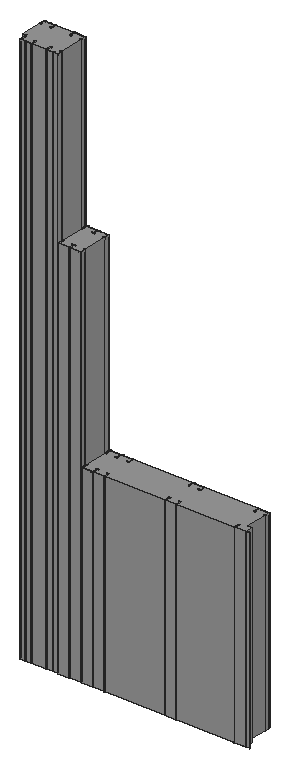
Revit family "1D. Wall Panel Left RO", category Generic Models, Revit 2019
Family settings
  Can host rebar = No
  Round Connector Dimension = Use Diameter
  Part Type = Normal
  Work Plane-Based = No
  Always vertical = Yes
  Cut with Voids When Loaded = Yes
  Shared = No
  Room Calculation Point = No
Parameters (values of type "7 1/2"")
  tt [instance] = if(not(Shiplap Trail), if(Trail Angle < 0.00°, (Panel Thickness / sin(90.00° + Trail Angle R)) * sin(-Trail Angle R) + TD, if(Trail Angle R < 0.00°, SLL, TD)), TD)  # 0' - 2"
  tl2 [instance] = if(Shiplap Lead, TD / 2, if(Angled Lead, if(Lead Angle > 0.00°, TD, (Panel Thickness / sin(90.00° + Lead Angle R)) * sin(-Lead Angle R) + tl), TD / 2))  # 0' - 1"
  tl [instance] = if(not(Shiplap Lead), if(Lead Angle R > 6.50°, SH, TD), TD)  # 0' - 2"
  stud tl [instance] = if(Shiplap Lead, 0' 0", if(Angled Lead, if(Lead Angle > 0.00°, (T Lead - TD) * SH / Panel Thickness, tl2 - T Lead), 0' 0"))  # 0' - 0"
  pckt corner adjust [instance] = if(and(Pocket Start T < 0' 2 1/2", Pocket Start T > 0' 0"), 0' 2 1/2" - Pocket Start T, if(T Trail 2 - TD - Pocket Start T < 0' 0", 0' 0", T Trail 2 - TD - Pocket Start T))  # 0' - 0"
  not KIng Array Interior [instance] = 0' - 0"
  nFTI [instance] = or(and(if(and(King Length - (T Trail 2 - TD) < 2 * SS, King Length - (T Trail 2 - TD) > SS), 2 = 1, not(FTI)), not(Reverse Female Trail Corners)), not(FTI))  # no
  nFLE [instance] = and(not(FLE), not(Shiplap Lead), Window)  # no
  nFKI [instance] = and(King Stud as Common, not(FKI))  # no
  nFKE [instance] = and(King Stud as Common, not(FKE))  # no
  King Array Interior [instance] = if(Angled Trail, if(Trail Angle > 0.00°, and(Initial Stud Spacing Interior - Spacing Window > 2 * Stud Spacing - SS * 0.75), King Array), King Array)  # no
  Trim Length [instance] = Number of Jack Studs * 0' 2 1/2"  # 0' - 5"
  Trail Angle R [instance] = if(Angled Trail, Trail Angle, 0.00°)  # 0.00°
  Trail Angle [instance] = 0.00°
  TO Top Extrusion [instance] = Panel Height + 0' 1"  # 9' - 11"
  TD [instance] = 0' - 2"  # constant formula
  T Trail 2 [instance] = if(Shiplap Trail, TD, if(Trail Angle > 0.00°, if(Angled Trail, T Trail, TD), if(SH * (T Trail - tt) / Panel Thickness < 0' 0", (SH * (tt - T Trail) / Panel Thickness) + TD, TD)))  # 0' - 2"
  T Trail [instance] = if(Shiplap Trail, TD, if(Trail Angle > 0.00°, (Panel Thickness / sin(90.00° - Trail Angle R)) * sin(Trail Angle R) + TD, if(Trail Angle R > 6.50°, SL, TD)))  # 0' - 2"
  T Lead 2 [instance] = if(Shiplap Lead, SL + TD, if(Angled Lead, if(Lead Angle > 0.00°, T Lead, ((tl2 - T Lead) * SH / Panel Thickness) + T Lead), 0' 0"))  # 0' - 2 7/8"
  T Lead [instance] = if(Shiplap Lead, tl + SLL, if(Lead Angle > 0.00°, (Panel Thickness / sin(90.00° - Lead Angle R)) * sin(Lead Angle R) + tl, if(Lead Angle R > 6.50°, SL, tl + SLL)))  # 0' - 2 7/8"
  Stud Material = Galvanized Steel
  Stud tt [instance] = if(Shiplap Trail, SL, if(Trail Angle < 0.00°, if(Angled Trail, tt - T Trail, 0' 0"), if(SH * (tt - T Trail) / Panel Thickness < 0' 0", SH * (T Trail - tt) / Panel Thickness, 0' 0")))  # 0' - 0 7/8"
  Spacing Window [instance] = if(PW - (Sill Array Start 2 + SS + (Stud Spacing * (Number of Sill Studs - 1))) < SS, SS, PW - (Sill Array Start 2 + SS + (Stud Spacing * (Number of Sill Studs - 1))))  # 0' - 2 1/2"
  Spacing Comp INT [instance] = Spacing Window + SL > Stud Spacing  # no
  Spacing Comp EXT [instance] = Spacing Window + SL > Stud Spacing  # no
  Sill Array Visible [instance] = and(Window, not(PW - (Sill Array Start 2 + Spacing Window + SS) < Stud Spacing), not(Sill Array Start > PW - 3 * SS))  # no
  Sill Array Start 2 [instance] = if(Sill Array Start < King Length + Number of Jack Studs * SS + SS, Sill Array Start + Stud Spacing, Sill Array Start)  # 2' - 7 5/8"
  Sill Array Start [instance] = roundup((King Length + (Number of Jack Studs) * SS) / Stud Spacing) * Stud Spacing + Array Offset - SS / 2 + if(Shiplap Trail, SL, 0' 0")  # 1' - 3 5/8"
  Show Cut Lines [instance] = no
  Shiplap Thickness = 1' - 0 3/4"  # constant formula
  Shiplap Lead [instance] = yes
  ST [instance] = if(not(Shiplap Lead), 0' 0", 0' 1 3/4")  # 0' - 1 3/4"
  Shiplap Male Stud [instance] = and(Shiplap Lead, Window)  # yes
  SS [instance] = 0' - 2 1/2"  # constant formula
  SLL [instance] = if(not(Shiplap Trail), 0' 0", SL)  # 0' - 0 7/8"
  SL [instance] = 0' - 0 7/8"  # constant formula
  Shiplap Trail [instance] = yes
  SH [instance] = 0' - 1 3/16"
  Reverse Female Trail Corners [instance] = no
  Reverse Exterior Female Corner [instance] = Reverse Female Trail Corners  # no
  Reinforcement Corner Stud [instance] = no
  RO Install Heigth [instance] = 6' - 10"
  Pocket Width [instance] = 0' - 5"
  Pocket Studs [instance] = if(Pocket Start T < 0' 2 1/2", if(PCKTL / 0' 2 1/2" > 2, (PCKTL / 0' 2 1/2") - 1, 2), if(PCKTL / 0' 2 1/2" < 2, 2, PCKTL / 0' 2 1/2"))  # 2
  Pocket Stud Height [instance] = Panel Height - Pocket Height - BLH  # 9' - 3"
  Pocket Stud Gauge [instance] = Common Stud : 20 Gauge
  Pocket Start T [instance] = 0' - 0"
  Pocket Height [instance] = 0' - 7"
  Pocket Depth [instance] = 0' - 3"
  Pocket Array [instance] = if(not(Pocket), Pocket, if(or(Pocket Start T < SS, Pocket Start T > King Length - SS, not(PCKTL > SS)), not(Pocket), Pocket))  # no
  Pocket [instance] = no
  PW [instance] = if(not(Shiplap Trail), if(Shiplap Lead, Panel Width - SL, Panel Width), if(Shiplap Lead, Panel Width, Panel Width + SL))  # 4' - 0"
  PCKTL [instance] = roundup((Pocket Width / 0' 2 1/2")) * 0' 2 1/2"  # 0' - 5"
  PCKT H [instance] = if(Pocket, Pocket Height, 0' 0")  # 0' - 0"
  Number of King Studs [instance] = if(((King Length - Stud Spacing) / Stud Spacing) < 2, 2, ((King Length - Stud Spacing) / Stud Spacing))  # 2
  Number of Sill Studs [instance] = if(((PW - Sill Array Start 2) / Stud Spacing) < 2, 2, (PW - Sill Array Start 2) / Stud Spacing)  # 2
  Number of Jacks W [instance] = if(Opening Size / Stud Spacing < 2, 2, Opening Size / Stud Spacing)  # 2
  Stud Spacing [instance] = 1' - 4"
  Opening Size [instance] = 2' - 10 1/8"
  Sill Height [instance] = 3' - 5"
  Panel Width [instance] = 4' - 0"
  Panel Thickness = 0' - 7 1/2"
  Panel Height [instance] = 9' - 10"
  Number of Jack Studs [instance] = 2
  Not Sill Array [instance] = or(and(not(Sill Array Visible), Window, PW - (Sill Array Start 2 + Spacing Window) > SS, Sill Array Start + SS < PW), and(Force Sill Studs, not(Array Offset = 0' 0")))  # yes
  Not Shiplap Lead [instance] = and(not(Shiplap Lead), Window)  # no
  Not Pocket Array [instance] = if(Pocket, not(Pocket Array), Pocket)  # no
  Not Female Trailing End [instance] = no
  Not Female Leading End [instance] = no
  Not Female Lead [instance] = and(not(Female Lead), Window)  # no
  Not Female Jack [instance] = not(Female Jack studs)  # yes
  No King Array [instance] = and(not(King Array), King Length > Stud Spacing + 0' 5")  # no
  More than 1 Jack [instance] = not([1 Jack Stud])  # yes
  Min Spacing [instance] = 0' - 0 1/4"  # constant formula
  Manufacturer = "Greenstone"
  Male Stud Gauge [instance] = Male Stud : 20 gauge
  Ledge Studs [instance] = if(Top Ledge, Panel Height - Top Ledge Height, Panel Height) + Interior Stud Offset - BLH  # 9' - 10"
  Top Ledge Height [instance] = 0' - 4 1/2"
  Ledge Female Stud Gauge [instance] = Female Stud : 20 Gauge
  Top Ledge Depth [instance] = 0' - 3 1/2"
  Ledge Common Stud Gauge [instance] = Common Stud : 20 Gauge
  Top Ledge [instance] = no
  Lead Angle R [instance] = if(Angled Lead, Lead Angle, 0.00°)  # 0.00°
  Lead Angle [instance] = 0.00°
  LH [instance] = if(Top Ledge, Top Ledge Height, 0' 0")  # 0' - 0"
  LD [instance] = if(Top Ledge, Top Ledge Depth, 0' 1")  # 0' - 1"
  King Stud as Common [instance] = no
  King Spacing [instance] = if((King Length - (Initial Stud Spacing + ((Number of King Studs - 1) * Stud Spacing) + SS)) < SS, SS, (King Length - (Initial Stud Spacing + ((Number of King Studs - 1) * Stud Spacing) + SS)))  # 0' - 2 1/2"
  King Length [instance] = PW - Opening Size - Trim Length  # 0' - 8 7/8"
  King Stud [instance] = and(not(King Array), not((King Length - 0' 5") < Stud Spacing))  # no
  King Array Exterior [instance] = if(Angled Trail, if(Trail Angle < 0.00°, and(Initial Stud Spacing Exterior - Spacing Window > 2 * Stud Spacing - SS * 0.75), King Array), King Array)  # no
  King Array [instance] = not((King Length - SS) < Stud Spacing * 2)  # no
  Jack Stud Height [instance] = if(RO Install Heigth > 0' 0", RO Install Heigth, Panel Height - 1' 0")  # 6' - 10"
  Window [instance] = yes
  Jack Stud Gauge [instance] = Common Stud : 20 Gauge
  Jack Array Window [instance] = Spacing Window > 0' 0"  # yes
  Jack Array [instance] = if((Number of Jack Studs < 2), 2, Number of Jack Studs)  # 2
  Interior Stud Offset [instance] = 0' - 0"
  Interior Sill Stud Height [instance] = Sill Height - BLH  # 3' - 5"
  Interior Jack Stud Height [instance] = Jack Stud Height - BLH  # 6' - 10"
  Interior Connection Stud [instance] = 0' - 7 1/2"
  Interior Connection [instance] = no
  Initial Stud Spacing Interior [instance] = if(not(Angled Trail), Initial Stud Spacing, if(T Trail - TD > Initial Stud Spacing - SS, Initial Stud Spacing + Stud Spacing, Initial Stud Spacing))  # 1' - 3 5/8"
  Initial Stud Spacing Exterior [instance] = if(not(Angled Trail), Initial Stud Spacing, if(tt - TD > Initial Stud Spacing - SS, Initial Stud Spacing + Stud Spacing, Initial Stud Spacing))  # 1' - 3 5/8"
  Initial Stud Spacing [instance] = if(Shiplap Trail, Stud Spacing - SS / 2 + SL, Stud Spacing - SS / 2) + Array Offset  # 1' - 3 5/8"
  Force Sill Studs [instance] = no
  Foam Density [instance] = 1.5
  Female Trailing End [instance] = and(not(Not Female Trailing End), not(Reverse Female Trail Corners))  # yes
  Female Trail Interior [instance] = no
  Female Stud Gauge [instance] = Female Stud : 20 Gauge
  Female Lead [instance] = and(not(Not Female Leading End), Window)  # yes
  Female Jack studs [instance] = no
  Female Jack Stud Gauge [instance] = Female Stud : 20 Gauge
  FTI [instance] = if(and(King Length - (T Trail 2 - TD) < 2 * SS, King Length - (T Trail 2 - TD) > SS), 2 = 1, if(T Trail 2 - TD = SS, Female Trail Interior, if(Not Female Trailing End, if(Female Trail Interior, Female Trail Interior, not(Not Female Trailing End)), if(Reverse Female Trail Corners, not(Reverse Female Trail Corners), not(Not Female Trailing End)))))  # yes
  FLI [instance] = yes
  FLE [instance] = and(not(Not Female Leading End), not(Shiplap Lead), Window)  # no
  FKI [instance] = and(if(not(King Length - (T Trail 2 - TD) > 2 * SS), 2 = 1, 1 = 1), not(King Stud as Common))  # yes
  FKE [instance] = and(if(not(King Length - (tt - TD) > 2 * SS), 2 = 1, 1 = 1), not(Reverse Female Trail Corners), not(King Stud as Common))  # yes
  Extrusion Material = EPS 2
  Exterior Stud Offset [instance] = 0' - 0"
  Exterior Stud Height [instance] = Panel Height + Exterior Stud Offset  # 9' - 10"
  Exterior Connection [instance] = no
  Exterior Connection Stud [instance] = 0' - 7 1/2"
  Cut Line RT [instance] = 8' - 4"
  Cut Line RB = 8' - 1"
  Cut Line LT [instance] = 8' - 6"
  Cut Line LB = 8' - 3"
  Corner Ledge Stud [instance] = if(Pocket, if(Pocket Start T < 0' 2 1/2" + T Trail 2 - TD, Panel Height - Pocket Height, Ledge Studs), Ledge Studs)  # 9' - 10"
  Comp Sill [instance] = and(Sill Array Start 2 > Sill Array Start, Window)  # yes
  Common Stud Gauge [instance] = Common Stud : 20 Gauge
  Butted King Stud R E [instance] = or(if(Exterior Connection, if(not(King Length - 3 * SS < Interior Connection Stud), and(King Length < Stud Spacing + SS + Min Spacing, not(King Length < Stud Spacing + SS)), not(King Length < 4 * SS)), or(King Length > 2 * Stud Spacing + SS / 2 + (tt - TD), and(King Length < Stud Spacing - SS / 2 + (tt - TD), King Length > Stud Spacing - SS / 2 + Min Spacing + (tt - TD)), and(King Spacing > 2 * SS, not(King Array Exterior)))), Butted King Stud)  # no
  Butted King Stud R I [instance] = or(if(Interior Connection, if(not(King Length - 3 * SS < Interior Connection Stud), and(King Length < Stud Spacing + SS + Min Spacing, not(King Length < Stud Spacing + SS)), not(King Length < 4 * SS)), or(King Length > 2 * Stud Spacing + SS / 2 + (T Trail 2 - TD), and(King Length < Stud Spacing - SS / 2 + (T Trail 2 - TD), King Length > Stud Spacing - SS / 2 + Min Spacing + (T Trail 2 - TD)), and(King Spacing > 2 * SS, not(King Array Interior)))), Butted King Stud)  # no
  Butted King Stud [instance] = no
  Bottom Ledge Height [instance] = 1' - 0"
  Bottom Ledge Depth [instance] = 0' - 3 3/4"
  Bottom Ledge [instance] = no
  BLH [instance] = if(Bottom Ledge, Bottom Ledge Height, 0' 0")  # 0' - 0"
  Array Offset Spacing [instance] = if(Array Offset > 2 * SS, Array Offset - SS, SS)  # 0' - 2 1/2"
  Array Offset Comp [instance] = Initial Stud Spacing > Stud Spacing  # no
  Array Offset [instance] = 0' - 0"
  Angled Trail [instance] = no
  Angled Lead [instance] = no
  1 Jack Window [instance] = not(Jack Array Window)  # no
  1 Jack Stud [instance] = not(Number of Jack Studs > 1)  # no
Types (4): name | nFTI | nFKI | nFKE | TO Top Extrusion | T Lead | Stud tt | Sill Array Start 2 | Sill Array Start | SLL | Shiplap Trail | Reverse Female Trail Corners | Reverse Exterior Female Corner | RO Install Heigth | Pocket Width | Pocket Stud Height | Pocket Start T | Pocket Height | Pocket Depth | PW | PCKTL | Opening Size | Sill Height | Panel Width | Panel Thickness | Panel Height | Not Sill Array | Not Female Leading End | Not Female Lead | No King Array | Ledge Studs | Top Ledge Height | Top Ledge Depth | Top Ledge | LH | LD | King Stud as Common | King Length | King Stud | Jack Stud Height | Interior Sill Stud Height | Interior Jack Stud Height | Interior Connection Stud | Initial Stud Spacing Interior | Initial Stud Spacing Exterior | Initial Stud Spacing | Force Sill Studs | Female Trailing End | Female Lead | FTI | FKI | FKE | Exterior Stud Height | Exterior Connection Stud | Cut Line LT | Cut Line LB | Corner Ledge Stud | Comp Sill | Bottom Ledge Height | Bottom Ledge Depth | Bottom Ledge
  7 1/2" | no | no | no | 9' - 11" | 0' - 2 7/8" | 0' - 0 7/8" | 2' - 7 5/8" | 1' - 3 5/8" | 0' - 0 7/8" | yes | no | no | 6' - 10" | 0' - 5" | 9' - 3" | 0' - 0" | 0' - 7" | 0' - 3" | 4' - 0" | 0' - 5" | 2' - 10 1/8" | 3' - 5" | 4' - 0" | 0' - 7 1/2" | 9' - 10" | yes | no | no | no | 9' - 10" | 0' - 4 1/2" | 0' - 3 1/2" | no | 0' - 0" | 0' - 1" | no | 0' - 8 7/8" | no | 6' - 10" | 3' - 5" | 6' - 10" | 0' - 7 1/2" | 1' - 3 5/8" | 1' - 3 5/8" | 1' - 3 5/8" | no | yes | yes | yes | yes | yes | 9' - 10" | 0' - 7 1/2" | 8' - 6" | 8' - 3" | 9' - 10" | yes | 1' - 0" | 0' - 3 3/4" | no
  9 1/4" | yes | yes | yes | 9' - 4" | 0' - 2" | 0' - 0" | 2' - 6 3/4" | 1' - 2 3/4" | 0' - 0" | no | yes | yes | 6' - 8 1/4" | 0' - 3" | 9' - 3" | 0' - 5" | 0' - 0" | 0' - 2 1/2" | 1' - 8 1/8" | 0' - 5" | 0' - 6 5/8" | 0' - 3 3/4" | 1' - 9" | 0' - 9 1/4" | 9' - 3" | no | yes | yes | no | 7' - 3" | 2' - 0" | 0' - 3 3/4" | yes | 2' - 0" | 0' - 3 3/4" | yes | 0' - 8 1/2" | no | 6' - 8 1/4" | 0' - 3 3/4" | 6' - 8 1/4" | 0' - 4 7/8" | 1' - 2 3/4" | 1' - 2 3/4" | 1' - 2 3/4" | yes | no | no | no | no | no | 9' - 3" | 0' - 8 5/8" | 9' - 0" | 8' - 0" | 7' - 3" | yes | 0' - 0" | 0' - 1.62702" | yes
  5 1/2" | yes | yes | yes | 9' - 1" | 0' - 2 7/8" | 0' - 0 7/8" | 3' - 11 5/8" | 3' - 11 5/8" | 0' - 0 7/8" | yes | yes | yes | 0' - 0" | 0' - 2 1/2" | 8' - 6.80356" | 0' - 2 1/2" | 0' - 5.19644" | 0' - 3" | 4' - 0" | 0' - 2 1/2" | 1' - 0" | 2' - 6" | 4' - 0" | 0' - 5 1/2" | 9' - 0" | no | yes | yes | yes | 9' - 0" | 1' - 10" | 0' - 2" | no | 0' - 0" | 0' - 1" | yes | 2' - 7" | yes | 8' - 0" | 2' - 6" | 8' - 0" | 0' - 5 1/2" | 1' - 3 5/8" | 1' - 3 5/8" | 1' - 3 5/8" | yes | no | no | no | no | no | 9' - 0" | 0' - 5 1/2" | 8' - 6" | 8' - 3" | 9' - 0" | no | 0' - 0" | 0' - 1.62702" | yes
  11 1/4" | yes | yes | yes | 8' - 1" | 0' - 2 7/8" | 0' - 0 7/8" | 3' - 11 5/8" | 3' - 11 5/8" | 0' - 0 7/8" | yes | yes | yes | 7' - 0" | 0' - 5" | 7' - 5" | 0' - 2 1/2" | 0' - 7" | 0' - 2 1/2" | 4' - 0" | 0' - 5" | 1' - 0" | 2' - 6" | 4' - 0" | 0' - 11 1/2" | 8' - 0" | no | yes | yes | yes | 8' - 0" | 2' - 0" | 0' - 2 1/2" | no | 0' - 0" | 0' - 1" | yes | 2' - 7" | yes | 7' - 0" | 2' - 6" | 7' - 0" | 0' - 11 1/2" | 1' - 3 5/8" | 1' - 3 5/8" | 1' - 3 5/8" | yes | no | no | no | no | no | 8' - 0" | 0' - 11 1/2" | 8' - 6" | 8' - 3" | 8' - 0" | no | 0' - 0" | 0' - 1.62702" | yes
Reference planes (in)
  plane 1 "Center (Front/Back)": y = 0
  plane 2: z = 0
  plane 3 "Center (Left/Right)": x = -4.6875
  plane 4 "Tail Edge": x = -28.6875
  plane 5 "Lead Edge": x = 19.3125
  plane 6 "Interior Face": y = 3.75
  plane 7 "Exterior Face": y = -3.75
  plane 8 "T/O Panel": z = 118
  plane 9 "Sill Height": z = 41
  plane 10 "Jack Stud Height": z = 82
  plane 11: x = 16.8125
  plane 12: x = -14.8125
  plane 13 "Ledge Depth": y = 2.75
  plane 14 "Center L/T": z = 118
  plane 15 "Center L/U": z = 119
  plane 16 "Kings face": x = -19.8125
  plane 17 "Pocket Depth": y = 0.75
  plane 18 "Center L/AA": z = 118
  plane 19 "Bottom Extrusion": z = -1
  plane 20 "Bottom Ledge": z = 0
  plane 21 "Bottom Ledge Depth": y = 0
  plane 22: x = -12.3125
  plane 23: x = -13.0625
Forms (in)
  Extrusion 1, solid, material "EPS 2" <- "Extrusion Material"
    sketch origin (0, 0, 0) x (1, 0, 0) y (0, 1, 0)
      loop
        line (-28.6875, 3.75) -> (-28.6875, -3.75) -> (-19.8125, -3.75) -> (-19.8125, 3.75) -> (-28.6875, 3.75)
    from 0 to 118 <- "Panel Height"
  Extrusion 2, solid, material "EPS 2", visible <- "Window"
    sketch origin (26.5, 0, 0) x (1, 0, 0) y (0, 1, 0)
      loop
        line (-41.3125, 3.75) -> (-41.3125, -3.75) -> (-6.3125, -3.75) -> (-6.3125, 3.75) -> (-41.3125, 3.75)
    from 0 to 41 <- "Sill Height"
  Extrusion 3, void
    sketch origin (37.5, -0.6131, 0) x (1, 0, 0) y (0, 1, 0)
      loop
        line (-18.1875, 4.3631) -> (-18.1875, -1.3869) -> (-17.3125, -1.3869) -> (-17.3125, 4.3631) -> (-18.1875, 4.3631)
    from 0 to 41 <- "Sill Height"
  Extrusion 4, void
    sketch origin (0, 0, 0) x (1, 0, 0) y (0, 1, 0)
      loop
        line (-28.6875, 3.75) -> (-28.6875, 2.75) -> (-19.8125, 2.75) -> (-19.8125, 3.75) -> (-28.6875, 3.75)
    from 119 to 118
  Extrusion 5, void
    sketch origin (0, 0, 0) x (1, 0, 0) y (0, 1, 0)
      loop
        line (-27.8125, -3.75) -> (-27.8125, -2) -> (-29.1875, -2) -> (-29.1875, -3.75) -> (-27.8125, -3.75)
    from 0 to 118
  Extrusion 6, void
    sketch origin (0, 0, 0) x (1, 0, 0) y (0, 1, 0)
      loop
        line (-28.6875, 3.75) -> (-28.6875, 0.75) -> (-23.6875, 0.75) -> (-23.6875, 3.75) -> (-28.6875, 3.75)
    from 118 to 119
  Extrusion 7, void
    sketch origin (0, 0, 0) x (1, 0, 0) y (0, 1, 0)
      loop
        line (22.1875, 3.75) -> (19.3125, 3.75) -> (21.1875, -3.75) -> (22.1875, -3.75) -> (22.1875, 3.75)
    from 0 to 41
  Extrusion 8, void
    sketch origin (0, 0, 0) x (1, 0, 0) y (0, 1, 0)
      loop
        line (-30.6875, -3.75) -> (-28.6875, -3.75) -> (-28.6875, 3.75) -> (-30.6875, 3.75) -> (-30.6875, -3.75)
    from 0 to 118
  Extrusion 9, solid, material "EPS 2" <- "Extrusion Material"
    sketch origin (0, 0, 0) x (1, 0, 0) y (0, 1, 0)
      loop
        line (-19.8125, 3.75) -> (-19.8125, -3.75) -> (-14.8125, -3.75) -> (-14.8125, 3.75) -> (-19.8125, 3.75)
    from 0 to 82 <- "RO Install Heigth"
  Extrusion 10, void
    sketch origin (0, 3.75, 0) x (-1, 0, 0) y (0, 0, 1)
      loop
        line (-19.3125, -1) -> (28.6875, -1) -> (28.6875, 0) -> (-19.3125, 0) -> (-19.3125, -1)
    from -3.75 to 0
Cuts and joins
  Extrusion 3, Extrusion 4, Extrusion 5, Extrusion 6, Extrusion 8, Extrusion 10 cuts Extrusion 1
  Extrusion 3, Extrusion 7, Extrusion 10 cuts Extrusion 2
  Extrusion 10 cuts Extrusion 9
Lines and regions (in)
  reference lines
    curve 1: line (20.1875, 4.70566, 0) -> (20.1875, -0.04434, 0)
    curve 2: line (-27.8125, 0.83066, 0) -> (-27.8125, 6.70566, 0)
    curve 3: line (-31.16626, -2, 0) -> (23.375, -2, 0)
    curve 4: line (-13.0625, -3.61246, 0) -> (-13.0625, 8.38754, 0)
    curve 5: line (2.9375, 5.33211, 0) -> (2.9375, 0.08211, 0)
    curve 6: line (-22.3125, -4.51464, 0) -> (-22.3125, 12.48536, 0)
    curve 7: line (17.6875, 5.33211, 0) -> (17.6875, 0.08211, 0)
    curve 8: line (-29.1875, 4.96589, 0) -> (-29.1875, 0.09089, 0)
    curve 9: line (-21.1875, 4.96589, 0) -> (-21.1875, 0.34089, 0)
    curve 10: line (-21.1875, 4.96589, 0) -> (-21.1875, 0.59089, 0)
    curve 11: line (4.2316, 4.96589, 0) -> (4.2316, -3.61246, 0)
    curve 12: line (-28.6875, 0.03067, 0) -> (-28.6875, 9.65567, 0)
    curve 13: line (-28.6875, 0.03067, 0) -> (-28.6875, 9.65567, 0)
    curve 14: line (-28.6875, -7.03411, 0) -> (-28.6875, 4.96589, 0)
    curve 15: line (-23.6875, -6.2234, 0) -> (-23.6875, 5.7766, 0)
    curve 16: line (22.1875, 4.70566, 0) -> (22.1875, -8.29434, 0)
    curve 17: line (19.3125, 15.83211, 0) -> (19.3125, -12.66789, 0)
    curve 18: line (19.3125, 4.70566, 0) -> (19.3125, -14.29434, 0)
    curve 19: line (-30.6875, -7.03411, 0) -> (-30.6875, 4.96589, 0)
    curve 20: line (-27.8125, -6.2234, 0) -> (-27.8125, 5.7766, 0)
    curve 21: line (-28.6875, -6.2234, 0) -> (-28.6875, 5.7766, 0)
    curve 22: line (-25.3125, -6.65715, 0) -> (-25.3125, 5.34285, 0)
    curve 23: line (16.8125, 4.96589, 0) -> (16.8125, -6.2234, 0)
    curve 24: line (-26.1875, -6.2234, 0) -> (-26.1875, 5.7766, 0)
Dimensions and locks (in)
  "PW": plane 4 "Tail Edge" to plane 5 "Lead Edge"
  "Panel Thickness": plane 7 "Exterior Face" to plane 6 "Interior Face"
  equal spacing: plane 6 "Interior Face", plane 1 "Center (Front/Back)", plane 7 "Exterior Face"
  "Sill Height": plane 9 "Sill Height" to level
  "Jack Stud Height": plane 10 "Jack Stud Height" to level
  "SL": plane 5 "Lead Edge" to curve 1
  "SLL": plane 4 "Tail Edge" to curve 2
  "ST": plane 7 "Exterior Face" to curve 3
  "Spacing Window": plane 11 to plane 5 "Lead Edge"
  "Initial Stud Spacing Exterior": plane 4 "Tail Edge" to curve 4
  "Sill Array Start 2": plane 4 "Tail Edge" to curve 5
  group 1 to group 2 = 0' - 11 3/8"
  group 1 to group 2 = 0' - 0"  (x2)
  group 3 to group 4 = 0' - 11 3/8"
  group 3 to group 4 = 0' - 0"  (x2)
  group 6 to group 5 = 0' - 11 3/4"
  group 5 to group 6 = 0' - 0"  (x2)
  group 8 to group 7 = 0' - 11 3/4"
  group 7 to group 8 = 0' - 0"  (x2)
  curve 7 to curve 1 = 0' - 2 1/2"
  "Opening Size": plane 12 to plane 5 "Lead Edge"
  "LD": plane 6 "Interior Face" to plane 13 "Ledge Depth"
  "LH": plane 14 "Center L/T" to plane 8 "T/O Panel"
  "TO Top Extrusion": plane 2 to plane 15 "Center L/U"
  curve 8 to plane 4 "Tail Edge" = 0' - 0 1/2"
  "Interior Connection Stud": plane 4 "Tail Edge" to curve 9
  "Exterior Connection Stud": plane 4 "Tail Edge" to curve 10
  "King Length": plane 4 "Tail Edge" to plane 16 "Kings face"
  "King Spacing": curve 6 to plane 16 "Kings face"
  group 9 to group 10 = 0' - 2 1/2"
  group 10 to group 9 = 0' - 0"
  group 9 to group 10 = 0' - 0"
  "Pocket Start T": plane 4 "Tail Edge" to curve 12
  "Pocket Depth": plane 6 "Interior Face" to plane 17 "Pocket Depth"
  "PCKTL": curve 14 to curve 15
  "pckt corner adjust": curve 12 to curve 14
  "T Lead": Extrusion 7 sketch curve to Extrusion 7 sketch curve
  "tl2": Extrusion 7 sketch curve to Extrusion 7 sketch curve
  "stud tl": curve 18 to plane 5 "Lead Edge"
  "TD": curve 19 to plane 4 "Tail Edge"
  "Panel Height": plane 8 "T/O Panel" to plane 2
  "Stud tt": plane 4 "Tail Edge" to curve 20
  "T Trail 2": curve 19 to curve 21
  curve 20 to curve 22 = 0' - 2 1/2"
  "tl": curve 1 to curve 16
  "T Lead 2": curve 17 to curve 16
  "PCKT H": plane 8 "T/O Panel" to plane 18 "Center L/AA"
  equal spacing: plane 4 "Tail Edge", plane 3 "Center (Left/Right)", plane 5 "Lead Edge"
  cut or joined group of Extrusion 1, Extrusion 3, Extrusion 4, Extrusion 5, Extrusion 6, Extrusion 8, Extrusion 10 to nested 17 to nested 15 = 1' - 4", 2' - 3 3/8"
  locked: curve 23 to plane 5 "Lead Edge" at 2.5
  "Array Offset Spacing": plane 4 "Tail Edge" to curve 24
  cut or joined group of Extrusion 1, Extrusion 3, Extrusion 4, Extrusion 5, Extrusion 6, Extrusion 8, Extrusion 10 to nested 14 = 2' - 8"
  plane 19 "Bottom Extrusion" to plane 2 = 0' - 1"
  "BLH": plane 2 to plane 20 "Bottom Ledge"
  "Bottom Ledge Depth": plane 6 "Interior Face" to plane 21 "Bottom Ledge Depth"
  "T Trail": Extrusion 8 sketch curve to Extrusion 8 sketch curve
  "tt": Extrusion 8 sketch curve to Extrusion 8 sketch curve
  "Initial Stud Spacing Interior": plane 4 "Tail Edge" to plane 23
  locked: plane 12 to plane 22 at 2.5
  aligned and locked: plane 2 to level
  aligned and locked: plane 4 "Tail Edge" to Extrusion 1 sketch curve
  aligned and locked: Extrusion 1 sketch curve to plane 7 "Exterior Face"
  aligned and locked: plane 6 "Interior Face" to Extrusion 1 sketch curve
  aligned and locked: nested 1 to plane 7 "Exterior Face"
  aligned and locked: plane 6 "Interior Face" to nested 3
  aligned and locked: nested 2 to plane 7 "Exterior Face"
  aligned and locked: nested 4 to plane 6 "Interior Face"
  aligned and locked: plane 7 "Exterior Face" to nested 6
  aligned and locked: Extrusion 2 to curve 1
  aligned and locked: plane 5 "Lead Edge" to Extrusion 3
  aligned and locked: curve 3 to Extrusion 3
  aligned and locked: nested 12 to cut or joined group of Extrusion 2, Extrusion 3, Extrusion 7, Extrusion 10
  aligned and locked: cut or joined group of Extrusion 2, Extrusion 3, Extrusion 7, Extrusion 10 to cut or joined group of Extrusion 1, Extrusion 3, Extrusion 4, Extrusion 5, Extrusion 6, Extrusion 8, Extrusion 10
  aligned and locked: curve 5 to nested 14
  aligned and locked: cut or joined group of Extrusion 2, Extrusion 3, Extrusion 7, Extrusion 10 to nested 14
  aligned and locked: nested 13 to curve 5
  aligned and locked: nested 15 to plane 11
  aligned and locked: plane 11 to nested 16
  aligned and locked: nested 16 to cut or joined group of Extrusion 2, Extrusion 3, Extrusion 7, Extrusion 10
  aligned and locked: nested 20 to cut or joined group of Extrusion 1, Extrusion 3, Extrusion 4, Extrusion 5, Extrusion 6, Extrusion 8, Extrusion 10
  aligned and locked: cut or joined group of Extrusion 1, Extrusion 3, Extrusion 4, Extrusion 5, Extrusion 6, Extrusion 8, Extrusion 10 to nested 21
  aligned and locked: nested 17 to cut or joined group of Extrusion 1, Extrusion 3, Extrusion 4, Extrusion 5, Extrusion 6, Extrusion 8, Extrusion 10
  aligned and locked: nested 17 to curve 4  (x2)
  aligned and locked: nested 18 to curve 6
  aligned and locked: curve 6 to nested 21
  aligned and locked: nested 21 to cut or joined group of Extrusion 1, Extrusion 3, Extrusion 4, Extrusion 5, Extrusion 6, Extrusion 8, Extrusion 10
  aligned and locked: nested 18 to cut or joined group of Extrusion 1, Extrusion 3, Extrusion 4, Extrusion 5, Extrusion 6, Extrusion 8, Extrusion 10
  aligned and locked: cut or joined group of Extrusion 1, Extrusion 3, Extrusion 4, Extrusion 5, Extrusion 6, Extrusion 8, Extrusion 10 to nested 20
  aligned and locked: cut or joined group of Extrusion 1, Extrusion 3, Extrusion 4, Extrusion 5, Extrusion 6, Extrusion 8, Extrusion 10 to nested 17
  aligned and locked: nested 16 to plane 11
  aligned and locked: cut or joined group of Extrusion 2, Extrusion 3, Extrusion 7, Extrusion 10 to nested 16
  aligned and locked: cut or joined group of Extrusion 2, Extrusion 3, Extrusion 7, Extrusion 10 to nested 15
  aligned and locked: plane 11 to nested 15
  aligned and locked: nested 2 to curve 7
  aligned and locked: nested 22 to plane 12
  aligned and locked: plane 12 to nested 23
  aligned and locked: Extrusion 4 sketch curve to cut or joined group of Extrusion 1, Extrusion 3, Extrusion 4, Extrusion 5, Extrusion 6, Extrusion 8, Extrusion 10
  aligned and locked: plane 13 "Ledge Depth" to Extrusion 4 sketch curve
  aligned and locked: plane 6 "Interior Face" to Extrusion 4
  aligned and locked: plane 7 "Exterior Face" to nested 23
  aligned and locked: nested 22 to plane 6 "Interior Face"
  aligned and locked: plane 7 "Exterior Face" to nested 10
  aligned and locked: plane 7 "Exterior Face" to nested 24
  aligned and locked: cut or joined group of Extrusion 1, Extrusion 3, Extrusion 4, Extrusion 5, Extrusion 6, Extrusion 8, Extrusion 10 to plane 14 "Center L/T"
  aligned and locked: Extrusion 5 to level
  aligned and locked: plane 8 "T/O Panel" to Extrusion 5
  aligned and locked: Extrusion 5 to curve 2
  aligned and locked: plane 15 "Center L/U" to Extrusion 4
  aligned and locked: plane 6 "Interior Face" to nested 9
  aligned and locked: nested 9 to plane 12
  aligned and locked: plane 12 to nested 11
  aligned and locked: nested 11 to plane 7 "Exterior Face"
  aligned and locked: nested 7 to plane 7 "Exterior Face"
  aligned and locked: plane 6 "Interior Face" to nested 8
  aligned and locked: plane 6 "Interior Face" to Extrusion 3
  aligned and locked: Extrusion 3 to cut or joined group of Extrusion 2, Extrusion 3, Extrusion 7, Extrusion 10
  aligned and locked: curve 8 to Extrusion 5
  aligned and locked: Extrusion 3 to curve 1
  aligned and locked: nested 25 to plane 7 "Exterior Face"
  aligned and locked: plane 6 "Interior Face" to nested 26
  aligned and locked: nested 28 to curve 10
  aligned and locked: curve 9 to nested 27
  aligned and locked: nested 13 to plane 6 "Interior Face"
  aligned and locked: nested 27 to plane 6 "Interior Face"
  aligned and locked: plane 7 "Exterior Face" to nested 28
  aligned and locked: nested 33 to plane 7 "Exterior Face"
  aligned and locked: nested 8 to plane 16 "Kings face"
  aligned and locked: plane 16 "Kings face" to nested 7
  aligned and locked: plane 6 "Interior Face" to nested 5
  aligned and locked: Extrusion 4 to plane 16 "Kings face"
  aligned and locked: plane 12 to nested 34
  aligned and locked: nested 35 to plane 12
  aligned and locked: nested 34 to plane 6 "Interior Face"
  aligned and locked: plane 7 "Exterior Face" to nested 35
  aligned and locked: plane 6 "Interior Face" to nested 36
  aligned and locked: Extrusion 6 sketch curve to nested 36
  aligned and locked: curve 15 to nested 37
  aligned and locked: curve 14 to nested 36  (x2)
  aligned and locked: curve 15 to nested 38
  aligned and locked: curve 15 to Extrusion 6
  aligned and locked: Extrusion 6 to curve 12
  aligned and locked: plane 6 "Interior Face" to nested 38
  aligned and locked: plane 6 "Interior Face" to nested 37
  aligned and locked: nested 6 to plane 16 "Kings face"
  aligned and locked: plane 16 "Kings face" to nested 5
  aligned and locked: Extrusion 6 to plane 17 "Pocket Depth"
  aligned and locked: plane 6 "Interior Face" to Extrusion 7 sketch curve
  aligned and locked: plane 7 "Exterior Face" to Extrusion 7 sketch curve
  aligned and locked: Extrusion 7 sketch curve to curve 16
  aligned and locked: Extrusion 7 to plane 2
  aligned and locked: plane 9 "Sill Height" to Extrusion 7
  aligned and locked: curve 17 to nested 4
  aligned and locked: curve 17 to nested 12
  aligned and locked: nested 10 to curve 18
  aligned and locked: nested 24 to curve 18
  aligned and locked: Extrusion 8 to plane 2
  aligned and locked: plane 8 "T/O Panel" to Extrusion 8
  aligned and locked: nested 25 to curve 20
  aligned and locked: curve 20 to nested 1
  aligned and locked: curve 21 to nested 26
  aligned and locked: nested 3 to curve 21
  aligned and locked: nested 33 to curve 22
  aligned and locked: cut or joined group of Extrusion 1, Extrusion 3, Extrusion 4, Extrusion 5, Extrusion 6, Extrusion 8, Extrusion 10 to plane 16 "Kings face"
  aligned and locked: plane 12 to Extrusion 9 sketch curve
  aligned and locked: Extrusion 9 sketch curve to plane 6 "Interior Face"
  aligned and locked: Extrusion 9 sketch curve to plane 16 "Kings face"
  aligned and locked: Extrusion 9 sketch curve to plane 7 "Exterior Face"
  aligned and locked: Extrusion 9 to plane 2
  aligned and locked: plane 12 to Extrusion 2 sketch curve
  aligned and locked: Extrusion 4 to Extrusion 6
  aligned and locked: Extrusion 6 to plane 15 "Center L/U"
  aligned and locked: Extrusion 6 to plane 18 "Center L/AA"
  aligned and locked: plane 6 "Interior Face" to nested 40
  aligned and locked: nested 39 to plane 7 "Exterior Face"
  aligned and locked: nested 40 to curve 21
  aligned and locked: curve 20 to nested 39
  aligned and locked: nested 43 to plane 16 "Kings face"
  aligned and locked: plane 16 "Kings face" to nested 42
  aligned and locked: curve 7 to nested 44
  aligned and locked: Extrusion 10 sketch curve to plane 19 "Bottom Extrusion"
  aligned and locked: Extrusion 10 sketch curve to plane 5 "Lead Edge"
  aligned and locked: Extrusion 10 sketch curve to plane 20 "Bottom Ledge"
  aligned and locked: plane 4 "Tail Edge" to Extrusion 10 sketch curve
  aligned and locked: Extrusion 10 to plane 21 "Bottom Ledge Depth"
  aligned and locked: plane 6 "Interior Face" to Extrusion 10
  aligned and locked: plane 20 "Bottom Ledge" to nested 27
  aligned and locked: nested 38 to plane 20 "Bottom Ledge"
  aligned and locked: nested 40 to plane 20 "Bottom Ledge"
  aligned and locked: nested 12 to plane 20 "Bottom Ledge"
  aligned and locked: nested 16 to plane 20 "Bottom Ledge"
  aligned and locked: nested 4 to plane 20 "Bottom Ledge"
  aligned and locked: nested 13 to plane 20 "Bottom Ledge"
  aligned and locked: nested 22 to plane 20 "Bottom Ledge"
  aligned and locked: nested 34 to plane 20 "Bottom Ledge"
  aligned and locked: nested 9 to plane 20 "Bottom Ledge"
  aligned and locked: nested 43 to plane 20 "Bottom Ledge"
  aligned and locked: nested 5 to plane 20 "Bottom Ledge"
  aligned and locked: nested 8 to plane 20 "Bottom Ledge"
  aligned and locked: nested 20 to plane 20 "Bottom Ledge"
  aligned and locked: nested 37 to plane 20 "Bottom Ledge"
  aligned and locked: nested 36 to plane 20 "Bottom Ledge"
  aligned and locked: nested 26 to plane 20 "Bottom Ledge"
  aligned and locked: plane 20 "Bottom Ledge" to nested 3
  aligned and locked: nested 21 to plane 20 "Bottom Ledge"
  aligned and locked: curve 5 to nested 41
  aligned and locked: plane 7 "Exterior Face" to nested 41
  aligned and locked: plane 20 "Bottom Ledge" to nested 41
  aligned and locked: nested 19 to curve 5
  aligned and locked: nested 19 to plane 6 "Interior Face"
  aligned and locked: nested 19 to plane 20 "Bottom Ledge"
  aligned and locked: nested 46 to curve 24
  aligned and locked: plane 7 "Exterior Face" to nested 46
  aligned and locked: curve 24 to nested 47
  aligned and locked: nested 47 to plane 6 "Interior Face"
  aligned and locked: nested 47 to plane 20 "Bottom Ledge"
  aligned and locked: plane 20 "Bottom Ledge" to nested 46
  aligned and locked: nested 32 to curve 6
  aligned and locked: nested 32 to plane 6 "Interior Face"
  aligned and locked: curve 6 to nested 31
  aligned and locked: plane 7 "Exterior Face" to nested 31
  aligned and locked: nested 32 to plane 20 "Bottom Ledge"
  aligned and locked: plane 20 "Bottom Ledge" to nested 31
  aligned and locked: plane 11 to nested 45
  aligned and locked: nested 45 to plane 6 "Interior Face"
  aligned and locked: nested 45 to plane 20 "Bottom Ledge"
  aligned and locked: nested 29 to curve 4
  aligned and locked: plane 7 "Exterior Face" to nested 29
  aligned and locked: curve 4 to nested 30
  aligned and locked: nested 30 to plane 6 "Interior Face"
  aligned and locked: nested 30 to plane 20 "Bottom Ledge"
  aligned and locked: plane 20 "Bottom Ledge" to nested 29
  aligned and locked: plane 22 to nested 48
  aligned and locked: nested 49 to plane 22
  aligned and locked: nested 49 to plane 6 "Interior Face"
  aligned and locked: plane 7 "Exterior Face" to nested 48
  aligned and locked: curve 19 to Extrusion 8 sketch curve
  aligned and locked: nested 20 to plane 23
Automatic sketch dimensions
  Extrusion 1 sketch curve to plane 16 "Kings face" = 0' - 0"
  Extrusion 2 sketch curve to plane 6 "Interior Face" = 0' - 0"
  plane 7 "Exterior Face" to Extrusion 2 sketch curve = 0' - 0"
  Extrusion 2 sketch curve to plane 5 "Lead Edge" = 0' - 0 7/8"
  Extrusion 3 sketch curve to plane 5 "Lead Edge" = 0' - 0"
  Extrusion 3 sketch curve to plane 6 "Interior Face" = 0' - 0"
  Extrusion 3 sketch curve to plane 5 "Lead Edge" = 0' - 0 7/8"
  Extrusion 3 sketch curve to plane 7 "Exterior Face" = 0' - 1 3/4"
  Extrusion 4 sketch curve to plane 16 "Kings face" = 0' - 0"
  Extrusion 4 sketch curve to plane 6 "Interior Face" = 0' - 0"
  plane 7 "Exterior Face" to Extrusion 5 sketch curve = 0' - 0"
  Extrusion 5 sketch curve to plane 4 "Tail Edge" = 0' - 0 7/8"
  Extrusion 5 sketch curve to Extrusion 5 sketch curve = 0' - 1 3/8"
  Extrusion 5 sketch curve to plane 7 "Exterior Face" = 0' - 1 3/4"
  Extrusion 6 sketch curve to plane 4 "Tail Edge" = 0' - 0"
  Extrusion 6 sketch curve to plane 17 "Pocket Depth" = 0' - 0"
  Extrusion 6 sketch curve to plane 4 "Tail Edge" = 0' - 5"
  curve 13 to plane 4 "Tail Edge" = 0' - 0"
  plane 4 "Tail Edge" to curve 3 = 0' - 2.47876"
  curve 5 to curve 11 = 0' - 1.2941"
  curve 3 to plane 5 "Lead Edge" = 0' - 4 1/16"
  plane 7 "Exterior Face" to curve 6 = 0' - 0.76464"
  plane 7 "Exterior Face" to curve 21 = 0' - 2.4734"
  curve 20 to curve 21 = 0' - 0"
  plane 7 "Exterior Face" to curve 24 = 0' - 2.4734"
  plane 7 "Exterior Face" to curve 15 = 0' - 2.4734"
  plane 7 "Exterior Face" to curve 23 = 0' - 2.4734"
  curve 22 to curve 15 = 0' - 0.43375"  (x2)
  curve 19 to curve 20 = 0' - 0.81071"
  curve 14 to curve 20 = 0' - 0.81071"  (x2)
  plane 7 "Exterior Face" to curve 16 = 0' - 4.54434"
  curve 17 to curve 16 = 0' - 4.37355"
  curve 18 to curve 17 = 0' - 1.62645"
  curve 11 to plane 7 "Exterior Face" = 0' - 0.13754"
  curve 4 to plane 7 "Exterior Face" = 0' - 0.13754"
  plane 1 "Center (Front/Back)" to curve 1 = 0' - 0.04434"
  curve 12 to plane 1 "Center (Front/Back)" = 0' - 0.03067"
  curve 13 to curve 12 = 0' - 0"  (x2)
  curve 7 to plane 1 "Center (Front/Back)" = 0' - 0.08211"
  curve 5 to plane 1 "Center (Front/Back)" = 0' - 0.08211"
  curve 8 to plane 1 "Center (Front/Back)" = 0' - 0.09089"
  curve 9 to plane 1 "Center (Front/Back)" = 0' - 0.34089"
  curve 10 to plane 17 "Pocket Depth" = 0' - 0.15911"
  plane 17 "Pocket Depth" to curve 2 = 0' - 0.08066"
  plane 6 "Interior Face" to curve 1 = 0' - 0.95566"
  curve 18 to curve 1 = 0' - 0"
  plane 6 "Interior Face" to curve 16 = 0' - 0.95566"
  plane 6 "Interior Face" to curve 14 = 0' - 1.21589"
  plane 6 "Interior Face" to curve 23 = 0' - 1.21589"
  plane 6 "Interior Face" to curve 9 = 0' - 1.21589"
  curve 10 to curve 9 = 0' - 0"
  plane 6 "Interior Face" to curve 19 = 0' - 1.21589"
  plane 6 "Interior Face" to curve 11 = 0' - 1.21589"
  curve 8 to curve 14 = 0' - 0"
  curve 11 to curve 5 = 0' - 0.36622"
  curve 23 to curve 7 = 0' - 0.36622"
  plane 6 "Interior Face" to curve 22 = 0' - 1.59285"
  curve 22 to curve 24 = 0' - 0.43375"
  curve 21 to curve 20 = 0' - 0"
  curve 20 to curve 2 = 0' - 0.92906"
  plane 6 "Interior Face" to curve 4 = 0' - 4.63754"
  curve 2 to curve 12 = 0' - 2.95001"
  curve 4 to curve 6 = 0' - 4.09781"
  curve 7 to curve 17 = 0' - 10 1/2"
  plane 7 "Exterior Face" to Extrusion 8 sketch curve = 0' - 0"
  Extrusion 8 sketch curve to plane 6 "Interior Face" = 0' - 0"
Nested families (in)
  nested 1: "Female Stud" at (-26.5625, -3.15551, 0) x (-1, 0, 0) z (0, 0, 1), Height_x <- "Exterior Stud Height", type <- "Female Stud Gauge", visible <- "Female Trailing End", type "20 Gauge"
    with Height_x 9' - 10", Stud Height 9' - 10"
  nested 2: "Male Stud" at (19.375, -3.15783, 0) x (-1, 0, 0) z (0, 0, 1), visible <- "Shiplap Male Stud", Height_x <- "Sill Height", type <- "Male Stud Gauge", type "20 gauge"
    with Height_x 3' - 5", Stud Height 3' - 5"
  nested 3: "Female Stud" at (-27.4375, 3.15551, 0) x (-1, 0, 0) z (0, 0, 1), Height_x <- "Corner Ledge Stud", type <- "Ledge Female Stud Gauge", visible <- "FTI", type "20 Gauge"
    with Height_x 9' - 10", Stud Height 9' - 10"
  nested 4: "Female Stud" at (18.0625, 3.15551, 0), visible <- "Female Lead", Height_x <- "Interior Sill Stud Height", type <- "Female Stud Gauge", type "20 Gauge"
    with Height_x 3' - 5", Stud Height 3' - 5"
  nested 5: "Female Stud" at (-21.0625, 3.15551, 0), Height_x <- "Ledge Studs", type <- "Ledge Female Stud Gauge", visible <- "FKI", type "20 Gauge"
    with Height_x 9' - 10", Stud Height 9' - 10"
  nested 6: "Female Stud" at (-21.0625, -3.15551, 0), Height_x <- "Exterior Stud Height", visible <- "FKE", type <- "Female Stud Gauge", type "20 Gauge"
    with Height_x 9' - 10", Stud Height 9' - 10"
  nested 7: "Common Stud" at (-18.5625, -3.15625, 0), visible <- "More than 1 Jack", Height_x <- "Jack Stud Height", type <- "Jack Stud Gauge", type "20 Gauge"
    with Height_x 6' - 10", Stud Height 6' - 10"
  nested 8: "Common Stud" at (-18.5625, 3.15625, 0), visible <- "More than 1 Jack", Height_x <- "Interior Jack Stud Height", type <- "Jack Stud Gauge", type "20 Gauge"
    with Height_x 6' - 10", Stud Height 6' - 10"
  nested 9: "Common Stud" at (-16.0625, 3.15625, 0), Height_x <- "Interior Jack Stud Height", type <- "Jack Stud Gauge", visible <- "Not Female Jack", type "20 Gauge"
    with Height_x 6' - 10", Stud Height 6' - 10"
  nested 10: "Female Stud" at (18.0625, -3.15551, 0), visible <- "FLE", Height_x <- "Sill Height", type <- "Female Stud Gauge", type "20 Gauge"
    with Height_x 3' - 5", Stud Height 3' - 5"
  nested 11: "Common Stud" at (-16.0625, -3.15625, 0), Height_x <- "Jack Stud Height", type <- "Jack Stud Gauge", visible <- "Not Female Jack", type "20 Gauge"
    with Height_x 6' - 10", Stud Height 6' - 10"
  nested 12: "Common Stud" at (18.0625, 3.15625, 0), visible <- "Not Female Lead", Height_x <- "Interior Sill Stud Height", type <- "Common Stud Gauge", type "20 Gauge"
    with Height_x 3' - 5", Stud Height 3' - 5"
  nested 13: "Common Stud" at (4.1875, 3.15625, 0), visible <- "Sill Array Visible", Height_x <- "Interior Sill Stud Height", type <- "Common Stud Gauge", type "20 Gauge"
    with Height_x 3' - 5", Stud Height 3' - 5"
  nested 14: "Common Stud" at (4.1875, -3.15625, 0), visible <- "Sill Array Visible", Height_x <- "Sill Height", type <- "Common Stud Gauge", type "20 Gauge"
    with Height_x 3' - 5", Stud Height 3' - 5"
  nested 15: "Common Stud" at (15.5625, -3.15625, 0), visible <- "Sill Array Visible", Height_x <- "Sill Height", type <- "Common Stud Gauge", type "20 Gauge"
    with Height_x 3' - 5", Stud Height 3' - 5"
  nested 16: "Common Stud" at (15.5625, 3.15625, 0), visible <- "Sill Array Visible", Height_x <- "Interior Sill Stud Height", type <- "Common Stud Gauge", type "20 Gauge"
    with Height_x 3' - 5", Stud Height 3' - 5"
  nested 17: "Common Stud" at (-11.8125, -3.15625, 0), visible <- "King Array", Height_x <- "Exterior Stud Height", type <- "Common Stud Gauge", type "20 Gauge"
    with Height_x 9' - 10", Stud Height 9' - 10"
  nested 18: "Common Stud" at (-23.5625, -3.15625, 0), visible <- "King Array", Height_x <- "Exterior Stud Height", type <- "Common Stud Gauge", type "20 Gauge"
    with Height_x 9' - 10", Stud Height 9' - 10"
  nested 19: "Common Stud" at (4.1875, 3.15625, 41) x (-1, 0, 0) z (0, 0, -1), visible <- "Not Sill Array", Height_x <- "Interior Sill Stud Height", type <- "Common Stud Gauge", type "20 Gauge"
    with Height_x 3' - 5", Stud Height 3' - 5"
  nested 20: "Common Stud" at (-11.8125, 3.15625, 0), visible <- "King Array Interior", Height_x <- "Ledge Studs", type <- "Ledge Common Stud Gauge", type "20 Gauge"
    with Height_x 9' - 10", Stud Height 9' - 10"
  nested 21: "Common Stud" at (-23.5625, 3.15625, 0), visible <- "King Array Interior", Height_x <- "Ledge Studs", type <- "Ledge Common Stud Gauge", type "20 Gauge"
    with Height_x 9' - 10", Stud Height 9' - 10"
  nested 22: "Common Stud" at (-13.5625, 3.15625, 0), visible <- "Window", Height_x <- "Interior Sill Stud Height", type <- "Common Stud Gauge", type "20 Gauge"
    with Height_x 3' - 5", Stud Height 3' - 5"
  nested 23: "Common Stud" at (-13.5625, -3.15625, 0), visible <- "Window", Height_x <- "Sill Height", type <- "Common Stud Gauge", type "20 Gauge"
    with Height_x 3' - 5", Stud Height 3' - 5"
  nested 24: "Common Stud" at (18.0625, -3.15625, 0), visible <- "nFLE", Height_x <- "Sill Height", type <- "Common Stud Gauge", type "20 Gauge"
    with Height_x 3' - 5", Stud Height 3' - 5"
  nested 25: "Common Stud" at (-26.5625, -3.15625, 0), visible <- "Not Female Trailing End", Height_x <- "Exterior Stud Height", type <- "Common Stud Gauge", type "20 Gauge"
    with Height_x 9' - 10", Stud Height 9' - 10"
  nested 26: "Common Stud" at (-27.4375, 3.15625, 0), visible <- "nFTI", Height_x <- "Corner Ledge Stud", type <- "Ledge Common Stud Gauge", type "20 Gauge"
    with Height_x 9' - 10", Stud Height 9' - 10"
  nested 27: "Female Stud" at (-19.9375, 3.15551, 0) x (-1, 0, 0) z (0, 0, 1), Height_x <- "Ledge Studs", visible <- "Interior Connection", type <- "Ledge Female Stud Gauge", type "20 Gauge"
    with Height_x 9' - 10", Stud Height 9' - 10"
  nested 28: "Female Stud" at (-19.9375, -3.15551, 0) x (-1, 0, 0) z (0, 0, 1), Height_x <- "Exterior Stud Height", visible <- "Exterior Connection", type <- "Female Stud Gauge", type "20 Gauge"
    with Height_x 9' - 10", Stud Height 9' - 10"
  nested 29: "Common Stud" at (-11.8125, -3.15625, 118) x (-1, 0, 0) z (0, 0, -1), visible <- "No King Array", Height_x <- "Exterior Stud Height", type <- "Common Stud Gauge", type "20 Gauge"
    with Height_x 9' - 10", Stud Height 9' - 10"
  nested 30: "Common Stud" at (-11.8125, 3.15625, 118) x (-1, 0, 0) z (0, 0, -1), visible <- "No King Array", Height_x <- "Ledge Studs", type <- "Common Stud Gauge", type "20 Gauge"
    with Height_x 9' - 10", Stud Height 9' - 10"
  nested 31: "Common Stud" at (-23.5625, -3.15625, 118) x (-1, 0, 0) z (0, 0, -1), visible <- "Butted King Stud R E", Height_x <- "Exterior Stud Height", type <- "Common Stud Gauge", type "20 Gauge"
    with Height_x 9' - 10", Stud Height 9' - 10"
  nested 32: "Common Stud" at (-23.5625, 3.15625, 118) x (-1, 0, 0) z (0, 0, -1), visible <- "Butted King Stud R I", Height_x <- "Ledge Studs", type <- "Ledge Common Stud Gauge", type "20 Gauge"
    with Height_x 9' - 10", Stud Height 9' - 10"
  nested 33: "Common Stud" at (-24.0625, -3.15625, 0), visible <- "Reinforcement Corner Stud", Height_x <- "Exterior Stud Height", type <- "Common Stud Gauge", type "20 Gauge"
    with Height_x 9' - 10", Stud Height 9' - 10"
  nested 34: "Female Stud" at (-16.0625, 3.15551, 0), Height_x <- "Interior Jack Stud Height", type <- "Female Jack Stud Gauge", visible <- "Female Jack studs", type "20 Gauge"
    with Height_x 6' - 10", Stud Height 6' - 10"
  nested 35: "Female Stud" at (-16.0625, -3.15551, 0), Height_x <- "Jack Stud Height", visible <- "Female Jack studs", type <- "Female Jack Stud Gauge", type "20 Gauge"
    with Height_x 6' - 10", Stud Height 6' - 10"
  nested 36: "Common Stud" at (-27.4375, 3.15625, 0), visible <- "Pocket Array", Height_x <- "Pocket Stud Height", type <- "Pocket Stud Gauge", type "20 Gauge"
    with Height_x 9' - 3", Stud Height 9' - 3"
  nested 37: "Common Stud" at (-24.9375, 3.15625, 0), visible <- "Pocket Array", Height_x <- "Pocket Stud Height", type <- "Pocket Stud Gauge", type "20 Gauge"
    with Height_x 9' - 3", Stud Height 9' - 3"
  nested 38: "Common Stud" at (-24.9375, 3.15625, 0), visible <- "Not Pocket Array", type <- "Ledge Common Stud Gauge", Height_x <- "Corner Ledge Stud", type "20 Gauge"
    with Height_x 9' - 10", Stud Height 9' - 10"
  nested 39: "Female Stud" at (-26.5625, -3.15551, 0), Height_x <- "Exterior Stud Height", type <- "Female Stud Gauge", visible <- "Reverse Exterior Female Corner", type "20 Gauge"
    with Height_x 9' - 10", Stud Height 9' - 10"
  nested 40: "Female Stud" at (-27.4375, 3.15551, 0), Height_x <- "Corner Ledge Stud", type <- "Ledge Female Stud Gauge", visible <- "Reverse Exterior Female Corner", type "20 Gauge"
    with Height_x 9' - 10", Stud Height 9' - 10"
  nested 41: "Common Stud" at (4.1875, -3.15625, 41) x (-1, 0, 0) z (0, 0, -1), visible <- "Not Sill Array", Height_x <- "Sill Height", type <- "Common Stud Gauge", type "20 Gauge"
    with Height_x 3' - 5", Stud Height 3' - 5"
  nested 42: "Common Stud" at (-21.0625, -3.15625, 0), visible <- "nFKE", Height_x <- "Exterior Stud Height", type <- "Common Stud Gauge", type "20 Gauge"
    with Height_x 9' - 10", Stud Height 9' - 10"
  nested 43: "Common Stud" at (-21.0625, 3.15625, 0), visible <- "nFKI", Height_x <- "Ledge Studs", type <- "Ledge Common Stud Gauge", type "20 Gauge"
    with Height_x 9' - 10", Stud Height 9' - 10"
  nested 44: "Common Stud" at (16.4375, -3.15625, 0), visible <- "Spacing Comp EXT", Height_x <- "Sill Height", type <- "Common Stud Gauge", type "20 Gauge"
    with Height_x 3' - 5", Stud Height 3' - 5"
  nested 45: "Common Stud" at (15.5625, 3.15625, 41) x (-1, 0, 0) z (0, 0, -1), visible <- "Spacing Comp INT", Height_x <- "Interior Sill Stud Height", type <- "Common Stud Gauge", type "20 Gauge"
    with Height_x 3' - 5", Stud Height 3' - 5"
  nested 46: "Common Stud" at (-24.9375, -3.15625, 118) x (-1, 0, 0) z (0, 0, -1), visible <- "Array Offset Comp", Height_x <- "Exterior Stud Height", type <- "Common Stud Gauge", type "20 Gauge"
    with Height_x 9' - 10", Stud Height 9' - 10"
  nested 47: "Common Stud" at (-24.9375, 3.15625, 118) x (-1, 0, 0) z (0, 0, -1), visible <- "Array Offset Comp", Height_x <- "Ledge Studs", type <- "Common Stud Gauge", type "20 Gauge"
    with Height_x 9' - 10", Stud Height 9' - 10"
  nested 48: "Common Stud" at (-11.0625, -3.15625, 0) x (-1, 0, 0) z (0, 0, 1), visible <- "Comp Sill", Height_x <- "Interior Sill Stud Height", type <- "Common Stud Gauge", type "20 Gauge"
    with Height_x 3' - 5", Stud Height 3' - 5"
  nested 49: "Common Stud" at (-11.0625, 3.15625, 0) x (-1, 0, 0) z (0, 0, 1), visible <- "Comp Sill", Height_x <- "Sill Height", type <- "Common Stud Gauge", type "20 Gauge"
    with Height_x 3' - 5", Stud Height 3' - 5"
Definition of nested family "Female Stud"
  Parameters (values of type "20 Gauge")
    Width_x = 0' - 2 1/2"
    Stud Height [instance] = 12' - 0"
    Height_x [instance] = 12' - 0"
    Depth = 0' - 1.18898"
    Default Elevation = 0' - 0"
  Types (2): name | Default Elevation
    16 Gauge | 4' - 0"
    20 Gauge | 0' - 0"
  Reference planes (in)
    plane 1 "Center (Front/Back)": y = 0
    plane 2: z = 0
    plane 3 "Center (Left/Right)": x = 0
    plane 4: y = 0.59449
    plane 5: y = -0.59449
    plane 6: x = -1.25
    plane 7: x = 1.25
    plane 8: z = 144
  Forms (in)
    Extrusion 1, solid
      sketch origin (0, 0, 0) x (1, 0, 0) y (0, 1, 0)
        loop
          arc (-1.19488, 0.48425) -> (-1.17874, 0.52323) -> (-1.13976, 0.53937) r 0.05512
          line (-1.13976, 0.53937) -> (-0.88092, 0.53937) -> (-0.88092, 0.59449) -> (-1.14569, 0.59449)
          arc (-1.14569, 0.59449) -> (-1.21945, 0.56394) -> (-1.25, 0.49017) r 0.10431
          line (-1.25, 0.49017) -> (-1.25, -0.4887)
          arc (-1.25, -0.4887) -> (-1.21901, -0.5635) -> (-1.14421, -0.59449) r 0.10579
          line (-1.14421, -0.59449) -> (0.1543, -0.59449) -> (0.19289, -0.49336) -> (1.17205, -0.49336)
          arc (1.17205, -0.49336) -> (1.22717, -0.47052) -> (1.25, -0.4154) r 0.07795
          line (1.25, -0.4154) -> (1.25, 0.49291)
          arc (1.25, 0.49291) -> (1.22025, 0.56474) -> (1.14843, 0.59449) r 0.10157
          line (1.14843, 0.59449) -> (0.89862, 0.59449) -> (0.89862, 0.53937) -> (1.13976, 0.53937)
          arc (1.13976, 0.53937) -> (1.17874, 0.52323) -> (1.19488, 0.48425) r 0.05512
          line (1.19488, 0.48425) -> (1.19488, -0.38312)
          arc (1.19488, -0.38312) -> (1.17874, -0.42209) -> (1.13976, -0.43824) r 0.05512
          line (1.13976, -0.43824) -> (0.15222, -0.43824) -> (0.11363, -0.53937) -> (-1.13976, -0.53937)
          arc (-1.13976, -0.53937) -> (-1.17874, -0.52323) -> (-1.19488, -0.48425) r 0.05512
          line (-1.19488, -0.48425) -> (-1.19488, 0.48425)
      from 0 to 144
  Dimensions and locks (in)
    equal spacing: plane 6, plane 3 "Center (Left/Right)", plane 7
    equal spacing: plane 4, plane 1 "Center (Front/Back)", plane 5
    "Width_x": plane 6 to plane 7
    "Depth": plane 4 to plane 5
    Extrusion 1 sketch curve to Extrusion 1 sketch curve = 0' - 0.05512"  (x6)
    "Height_x": plane 8 to level
    "Stud Height": plane 8 to level
    aligned and locked: plane 2 to level
    aligned and locked: Extrusion 1 sketch curve to plane 6
    aligned and locked: Extrusion 1 sketch curve to plane 4
    aligned and locked: plane 4 to Extrusion 1 sketch curve
    aligned and locked: plane 7 to Extrusion 1 sketch curve
    aligned and locked: Extrusion 1 sketch curve to plane 5
    aligned and locked: plane 8 to Extrusion 1
  Automatic sketch dimensions
    Extrusion 1 sketch curve to Extrusion 1 sketch curve = 0' - 0.0492"
    Extrusion 1 sketch curve to Extrusion 1 sketch curve = 0' - 0.05067"
    Extrusion 1 sketch curve to Extrusion 1 sketch curve = 0' - 0.00592"
    Extrusion 1 sketch curve to Extrusion 1 sketch curve = 0' - 0.00444"
    Extrusion 1 sketch curve to Extrusion 1 sketch curve = 0' - 0.25884"
    plane 3 "Center (Left/Right)" to Extrusion 1 sketch curve = 0' - 0.11363"
    Extrusion 1 sketch curve to Extrusion 1 sketch curve = 0' - 0.03859"
    Extrusion 1 sketch curve to Extrusion 1 sketch curve = 0' - 0.04067"  (x2)
    Extrusion 1 sketch curve to Extrusion 1 sketch curve = 0' - 0.29626"
    Extrusion 1 sketch curve to Extrusion 1 sketch curve = 0' - 0.05512"  (x2)
    Extrusion 1 sketch curve to Extrusion 1 sketch curve = 0' - 0.00866"
    Extrusion 1 sketch curve to Extrusion 1 sketch curve = 0' - 0.03228"
    Extrusion 1 sketch curve to Extrusion 1 sketch curve = 0' - 0.04601"
Definition of nested family "Male Stud"
  Parameters (values of type "16 Gauge")
    Width_x = 0' - 3 3/8"
    Stud Height [instance] = 12' - 0"
    Height_x [instance] = 12' - 0"
    Depth = 0' - 1.18819"
    Default Elevation = 4' - 0"
  Types (2): name
    16 Gauge
    20 Gauge
  Reference planes (in)
    plane 1 "Center (Front/Back)": y = 0
    plane 2: z = 0
    plane 3 "Center (Left/Right)": x = 0
    plane 4: y = -0.59217
    plane 5: y = 0.59602
    plane 6: x = 1.6875
    plane 7: x = -1.6875
    plane 8: z = 144
  Forms (in)
    Extrusion 1, solid
      sketch origin (0, 0, 0) x (1, 0, 0) y (0, 1, 0)
        loop
          line (-1.60876, -0.59217) -> (1.57825, -0.59217)
          arc (1.57825, -0.59217) -> (1.6555, -0.56017) -> (1.6875, -0.48291) r 0.10925
          line (1.6875, -0.48291) -> (1.6875, 0.48677)
          arc (1.6875, 0.48677) -> (1.6555, 0.56402) -> (1.57825, 0.59602) r 0.10925
          line (1.57825, 0.59602) -> (1.3024, 0.59602) -> (1.3024, 0.56477) -> (1.55181, 0.56477)
          arc (1.55181, 0.56477) -> (1.62566, 0.53418) -> (1.65625, 0.46033) r 0.10444
          line (1.65625, 0.46033) -> (1.65625, -0.45647)
          arc (1.65625, -0.45647) -> (1.62566, -0.53033) -> (1.55181, -0.56092) r 0.10444
          line (1.55181, -0.56092) -> (-1.60876, -0.56092)
          arc (-1.60876, -0.56092) -> (-1.64432, -0.52536) -> (-1.60876, -0.4898) r 0.03556
          line (-1.60876, -0.4898) -> (-1.17569, -0.4898) -> (-1.17569, -0.45855) -> (-1.60876, -0.45855)
          arc (-1.60876, -0.45855) -> (-1.67557, -0.52536) -> (-1.60876, -0.59217) r 0.06681
      from 0 to 144
  Dimensions and locks (in)
    equal spacing: plane 7, plane 3 "Center (Left/Right)", plane 6
    "Depth": plane 5 to plane 4
    "Width_x": plane 7 to plane 6
    Extrusion 1 sketch curve to Extrusion 1 sketch curve = 0' - 0 1/32"  (x4)
    locked: plane 7 to Extrusion 1 at 0.51181
    "Height_x": plane 8 to level
    "Stud Height": plane 8 to level
    aligned and locked: plane 2 to level
    aligned and locked: Extrusion 1 sketch curve to plane 4
    aligned and locked: Extrusion 1 sketch curve to plane 6
    aligned and locked: Extrusion 1 sketch curve to plane 5
    aligned and locked: plane 8 to Extrusion 1
  Automatic sketch dimensions
    Extrusion 1 sketch curve to Extrusion 1 sketch curve = 0' - 0"
    plane 6 to Extrusion 1 sketch curve = 0' - 0.10925"  (x2)
    Extrusion 1 sketch curve to Extrusion 1 sketch curve = 0' - 0.02644"  (x2)
    Extrusion 1 sketch curve to Extrusion 1 sketch curve = 0' - 0.24941"
    plane 4 to Extrusion 1 sketch curve = 0' - 0.10236"
    Extrusion 1 sketch curve to plane 7 = 0' - 0.51181"
    Extrusion 1 sketch curve to plane 7 = 0' - 0.07874"
Definition of nested family "Common Stud"
  Parameters (values of type "20 Gauge")
    Width_x = 0' - 2 1/2"
    Stud Height [instance] = 12' - 0"
    Height_x [instance] = 12' - 0"
    Depth = 0' - 1 3/16"
    Default Elevation = 4' - 0"
  Types (2): name
    20 Gauge
    16 Gauge
  Reference planes (in)
    plane 1 "Center (Front/Back)": y = 0
    plane 2: z = 0
    plane 3 "Center (Left/Right)": x = 0
    plane 4: x = -1.25
    plane 5: x = 1.25
    plane 6: y = 0.59375
    plane 7: y = -0.59375
    plane 8: z = 144
  Forms (in)
    Extrusion 1, solid
      sketch origin (0, 0, 0) x (1, 0, 0) y (0, 1, 0)
        loop
          line (-1.25, 0.45324) -> (-1.25, -0.44536)
          arc (-1.25, -0.44536) -> (-1.20654, -0.55029) -> (-1.10161, -0.59375) r 0.14839
          line (-1.10161, -0.59375) -> (1.1563, -0.59375)
          arc (1.1563, -0.59375) -> (1.22256, -0.56631) -> (1.25, -0.50005) r 0.0937
          line (1.25, -0.50005) -> (1.25, 0.50005)
          arc (1.25, 0.50005) -> (1.22256, 0.56631) -> (1.1563, 0.59375) r 0.0937
          line (1.1563, 0.59375) -> (0.9065, 0.59375) -> (0.9065, 0.56225) -> (1.15591, 0.56225)
          arc (1.15591, 0.56225) -> (1.20017, 0.54392) -> (1.2185, 0.49966) r 0.0626
          line (1.2185, 0.49966) -> (1.2185, -0.49966)
          arc (1.2185, -0.49966) -> (1.20017, -0.54392) -> (1.15591, -0.56225) r 0.0626
          line (1.15591, -0.56225) -> (-1.10122, -0.56225)
          arc (-1.10122, -0.56225) -> (-1.18415, -0.5279) -> (-1.2185, -0.44497) r 0.11729
          line (-1.2185, -0.44497) -> (-1.2185, 0.45284)
          arc (-1.2185, 0.45284) -> (-1.18646, 0.53021) -> (-1.10909, 0.56225) r 0.10941
          line (-1.10909, 0.56225) -> (-0.85968, 0.56225) -> (-0.85968, 0.59375) -> (-1.10949, 0.59375)
          arc (-1.10949, 0.59375) -> (-1.20884, 0.55259) -> (-1.25, 0.45324) r 0.14051
      from 0 to 144
  Dimensions and locks (in)
    Extrusion 1 sketch curve to Extrusion 1 sketch curve = 0' - 0.0315"  (x5)
    equal spacing: plane 4, plane 3 "Center (Left/Right)", plane 5
    equal spacing: plane 6, plane 1 "Center (Front/Back)", plane 7
    "Depth": plane 6 to plane 7
    "Width_x": plane 4 to plane 5
    "Height_x": plane 8 to plane 2
    "Stud Height": plane 8 to level
    aligned and locked: plane 2 to level
    aligned and locked: Extrusion 1 sketch curve to plane 6  (x2)
    aligned and locked: Extrusion 1 sketch curve to plane 5
    aligned and locked: Extrusion 1 sketch curve to plane 7
    aligned and locked: plane 4 to Extrusion 1 sketch curve
    aligned and locked: plane 8 to Extrusion 1
  Automatic sketch dimensions
    Extrusion 1 sketch curve to plane 4 = 0' - 0.14051"
    Extrusion 1 sketch curve to Extrusion 1 sketch curve = 0' - 0.00039"  (x5)
    Extrusion 1 sketch curve to plane 4 = 0' - 0.14839"
    Extrusion 1 sketch curve to Extrusion 1 sketch curve = 0' - 0.24941"
    Extrusion 1 sketch curve to Extrusion 1 sketch curve = 0' - 0.31201"
    Extrusion 1 sketch curve to Extrusion 1 sketch curve = 0' - 0.0626"  (x2)
